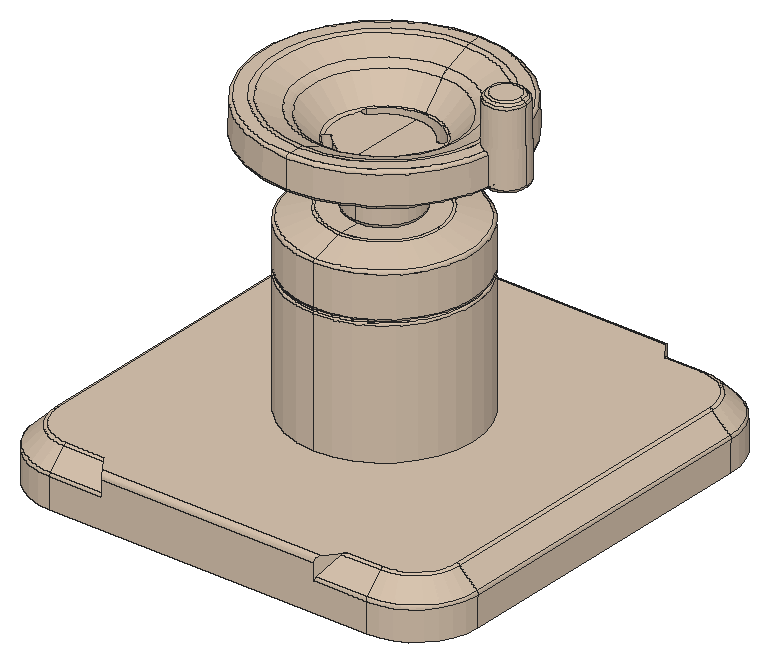
Revit family "Shower-Valve_Trim-KALLISTA-Vice-P34886", category Plumbing Fixtures, host Face, Revit 2021
Family settings
  Host = Face
  Round Connector Dimension = Use Diameter
  Part Type = Normal
  OmniClass Number = 23.31.25.00
  OmniClass Title = Toilet and Bath Specialties
  Cut with Voids When Loaded = No
  Shared = No
  Room Calculation Point = No
Parameters (values of type "AF-French Gold")
  Width = 5.31496"  # constant formula
  WaterSense Certified = 1 = 0  # no
  Waste Water Outlet = "Waste Water Outlet"  # constant formula
  Waste Connection = 1 = 0  # no
  Vent Connection = 1 = 0  # no
  URL = "https://www.kallista.com/"
  Type = 1
  Product Page URL = ""
  Product Name = "Vice"  # constant formula
  Product Documentation Link = ""
  Pressure = 0.00 psi
  Model = if(Type = 1, "P34886-00-AF", if(Type = 2, "P34886-00-BGP", if(Type = 3, "P34886-00-CP", if(Type = 4, "P34886-00-SN", "NA"))))  # "P34886-00-AF"
  Material = "Premium Metal Construction"  # constant formula
  Master Format 2014 Name = "Residential Showers"  # constant formula
  Master Format 2014 = "22 42 23"  # constant formula
  Manufacturer Address = "444 Highland Dr, Kohler, WI 53044"  # constant formula
  Manufacturer = "Kallista Co."  # constant formula
  Length = 4.53543"  # constant formula
  Hot Water Inlet = "Hot Water Inlet"  # constant formula
  Height = 5.31496"  # constant formula
  Handle Clearance = 3 13/64"  # constant formula
  HW Connection = 1 = 1  # yes
  Flow Rate = 0 GPM
  Finish = Kallista-Metal-AF-French_Gold
  Environmental Product Declaration = ""
  Drain Included = 1 = 0  # no
  Description = "Pressure Balance Trim Wheel"  # constant formula
  Default Elevation = 42"
  Declare Label = ""
  Date Modified = "05/26/2024"  # constant formula
  Date Created = "05/26/2024"  # constant formula
  Copyright = "Copyright Kallista Co."  # constant formula
  Contact Us = "https://www.kallista.com/corporate/contact-us/"
  Cold Water Inlet = "Cold Water Inlet"  # constant formula
  CW Connection = 1 = 1  # yes
  Assembly Code = "D2010700"
  ADA Compliant = 1 = 0  # no
Types (5): name | Type | Model | Finish
  (no name) | 1 | "P34886-00-AF" | Kallista-Metal-AF-French_Gold
  AF-French Gold | 1 | "P34886-00-AF" | Kallista-Metal-AF-French_Gold
  BGP | 2 | "P34886-00-BGP" | Kallista-Metal-BGP
  CP-Chrome | 3 | "P34886-00-CP" | Kallista-Metal-CP-Chrome
  SN-Polished Nickel | 4 | "P34886-00-SN" | Kallista-Metal-SN-Polished_Nickel
Reference planes (in)
  plane 1 "Center (Front/Back)": y = 0
  plane 2: z = 0
  plane 3 "Center (Left/Right)": x = 0
  plane 4: y = 2.6574803
  plane 5: y = -2.6574803
  plane 6: x = -2.6574803
  plane 7: x = 2.6574803
  plane 8: x = 1.0629921
  plane 9: x = -1.0629921
  plane 10: y = 1.0629921
  plane 11: y = -1.0629921
  plane 12: z = 4.5354331
  plane 13: z = 0.6102362
  plane 14: y = 1.475884
  plane 15: y = -1.4758876
  plane 16: x = 1.7259878
  plane 17: x = -1.4771372
Dimensions and locks (in)
  "Width": plane 6 to plane 7
  "Height": plane 4 to plane 5
  level to plane 13 = 0.61024"
  "Length": level to plane 12
  "Handle Clearance": plane 17 to plane 16
  plane 9 to plane 8 = 2.12598"
  plane 14 to plane 15 = 2.95177"
  plane 13 to level = 0.61024"
  aligned and locked: plane 2 to host face
  aligned and locked: level to host face
  aligned and locked: plane 1 "Center (Front/Back)" to nested 1
  aligned and locked: plane 3 "Center (Left/Right)" to nested 1
Automatic sketch dimensions
  host sketch curve to host sketch curve = 96"  (x2)
Nested families (in)
  nested 1: "P34886" at (0, 0, 0), type "P34886"
Connectors (in)
  piping at (-1.0629921, 0, 0), diameter 0.5, driven by "HW Connection", driven by "Hot Water Inlet"
    settings: on nested 1, index 1, connector inside diameter 24", connector length 0", flow factor 0, pipe flow 0 GPM, pressure drop 0.00 psi, fitting loss kfactor 0, connector angle 0.00°, fixture units 0, engagement length 0", angle of deflection 0.00°, flow configuration 0, flow direction 1, fitting loss method 0, system type 19, joint type 0, gender type 0, connector reference index -1, connector utility 1, adjustable connector no, is connector primary yes, connector description "Hot Water Inlet"
  piping at (1.0629921, 0, 0), diameter 0.5, driven by "CW Connection", driven by "Cold Water Inlet"
    settings: on nested 1, index 2, connector inside diameter 24", connector length 0", flow factor 0, pipe flow 0 GPM, pressure drop 0.00 psi, fitting loss kfactor 0, connector angle 0.00°, fixture units 0, engagement length 0", angle of deflection 0.00°, flow configuration 0, flow direction 1, fitting loss method 0, system type 20, joint type 0, gender type 0, connector reference index -1, connector utility 1, adjustable connector no, is connector primary no, connector description "Cold Water Inlet"
Definition of nested family "P34886"
  Parameters
    Material = none
    Default Elevation = 0"
  Reference planes (in)
    plane 1 "Center (Front/Back)": y = 0
    plane 2: z = 0
    plane 3 "Center (Left/Right)": x = 0
    plane 4: x = -2.6574803
    plane 5: x = 2.6574803
    plane 6: y = -2.6574803
    plane 7: y = 2.6574803
    plane 8: z = 0.6102362
    plane 9: z = 4.5354331
    plane 10: y = -1.0629921
    plane 11: y = 1.0629921
    plane 12: x = -1.0629921
    plane 13: x = 1.0629921
    plane 14: y = 1.475884
    plane 15: y = -1.475884
    plane 16: x = 1.7259878
    plane 17: x = -1.475871
  Forms (in)
    Sweep 1, solid, material <- "Material"
      path origin (0, 0, 0) x (1, 0, 0) y (0, 1, 0)
        loop
          line (1.9094488, 2.6574803) -> (-1.9094488, 2.6574803)
          arc (-1.9094488, 2.6574803) -> (-2.438387, 2.438387) -> (-2.6574803, 1.9094488) r 0.7480315
          line (-2.6574803, 1.9094488) -> (-2.6574803, -1.9094488)
          arc (-2.6574803, -1.9094488) -> (-2.438387, -2.438387) -> (-1.9094488, -2.6574803) r 0.7480315
          line (-1.9094488, -2.6574803) -> (1.9094488, -2.6574803)
          arc (1.9094488, -2.6574803) -> (2.438387, -2.438387) -> (2.6574803, -1.9094488) r 0.7480315
          line (2.6574803, -1.9094488) -> (2.6574803, 1.9094488)
          arc (2.6574803, 1.9094488) -> (2.438387, 2.438387) -> (1.9094488, 2.6574803) r 0.7480315
      profile origin (2.6574803, 0, 0) x (1, 0, 0) y (0, 0, 1)
        loop
          arc (0, 0.3517833) -> (-0.0043223, 0.3735131) -> (-0.0166313, 0.3919347) r 0.0567827
          line (-0.0166313, 0.3919347) -> (-0.2177223, 0.5930257)
          arc (-0.2177223, 0.5930257) -> (-0.2367855, 0.6057634) -> (-0.2592721, 0.6102362) r 0.0587602
          line (-0.2592721, 0.6102362) -> (-0.2952756, 0.6102362) -> (-0.2952756, 0) -> (0, 0) -> (0, 0.3517833)
    Extrusion 2, solid, material <- "Material"
      sketch origin (0, 0, 0) x (1, 0, 0) y (0, 1, 0)
        loop
          line (-2.3622047, 1.9094488) -> (-2.3622047, -1.9094488)
          arc (-2.3622047, -1.9094488) -> (-2.2295956, -2.2295956) -> (-1.9094488, -2.3622047) r 0.4527559
          line (-1.9094488, -2.3622047) -> (1.9094488, -2.3622047)
          arc (1.9094488, -2.3622047) -> (2.2295956, -2.2295956) -> (2.3622047, -1.9094488) r 0.4527559
          line (2.3622047, -1.9094488) -> (2.3622047, 1.9094488)
          arc (2.3622047, 1.9094488) -> (2.2295956, 2.2295956) -> (1.9094488, 2.3622047) r 0.4527559
          line (1.9094488, 2.3622047) -> (-1.9094488, 2.3622047)
          arc (-1.9094488, 2.3622047) -> (-2.2295956, 2.2295956) -> (-2.3622047, 1.9094488) r 0.4527559
      from 0 to 0.6102362
    Extrusion 3, solid, material <- "Material"
      sketch origin (0, 0, 0) x (0, 1, 0) y (0, 0, 1)
        loop
          line (-2.6574803, 0.301947) -> (-2.3491911, 0.6102362) -> (-2.5984252, 0.6102362)
          arc (-2.5984252, 0.6102362) -> (-2.6401835, 0.5929394) -> (-2.6574803, 0.5511811) r 0.0590551
          line (-2.6574803, 0.5511811) -> (-2.6574803, 0.301947)
        loop
          line (2.6574803, 0.301947) -> (2.6574803, 0.5511811)
          arc (2.6574803, 0.5511811) -> (2.6401835, 0.5929394) -> (2.5984252, 0.6102362) r 0.0590551
          line (2.5984252, 0.6102362) -> (2.3491911, 0.6102362) -> (2.6574803, 0.301947)
      from -1.4758995 to 1.4756383
    Revolve 4, solid, material <- "Material", detail levels medium+fine
      sketch origin (0, 0, 0) x (0, 1, 0) y (0, 0, 1)
        loop
          line (1.0629921, 0.6102362) -> (1.0629921, 2.0857277)
          arc (1.0629921, 2.0857277) -> (1.0572265, 2.0996472) -> (1.0433071, 2.1054128) r 0.019685
          line (1.0433071, 2.1054128) -> (0.7780673, 2.1054128)
          arc (0.7780673, 2.1054128) -> (0.7454984, 2.1132651) -> (0.7200862, 2.1350965) r 0.071469
          line (0.7200862, 2.1350965) -> (1.0433071, 2.1350965)
          arc (1.0433071, 2.1350965) -> (1.0572265, 2.1408621) -> (1.0629921, 2.1547816) r 0.019685
          line (1.0629921, 2.1547816) -> (1.0629921, 2.6385365)
          arc (1.0629921, 2.6385365) -> (1.0551981, 2.6620515) -> (1.0349019, 2.6762561) r 0.0393701
          line (1.0349019, 2.6762561) -> (0.6852022, 2.7808316)
          arc (0.6852022, 2.7808316) -> (0.6687497, 2.7844751) -> (0.651943, 2.7856981) r 0.1160851
          line (0.651943, 2.7856981) -> (0.3971451, 2.7856981)
          arc (0.3971451, 2.7856981) -> (0.4168335, 2.7952) -> (0.4250518, 2.8154578) r 0.0303936
          line (0.4250518, 2.8154578) -> (0.4311055, 3.1610147)
          arc (0.4311055, 3.1610147) -> (0.4351506, 3.1890152) -> (0.4460474, 3.2151236) r 0.1126025
          arc (0.4460474, 3.2151236) -> (0.4529123, 3.2317765) -> (0.4552533, 3.2496362) r 0.069296
          line (0.4552533, 3.2496362) -> (0.4552533, 3.3094089) -> (0.6104282, 3.3094089)
          arc (0.6104282, 3.3094089) -> (0.6265316, 3.3126302) -> (0.6401565, 3.3217985) r 0.0418608
          line (0.6401565, 3.3217985) -> (1.1117797, 3.7975366)
          arc (1.1117797, 3.7975366) -> (1.1465652, 3.8209439) -> (1.1876784, 3.8291682) r 0.1068739
          line (1.1876784, 3.8291682) -> (1.2355474, 3.8291682)
          arc (1.2355474, 3.8291682) -> (1.2912251, 3.8061058) -> (1.3142875, 3.7504281) r 0.0787402
          line (1.3142875, 3.7504281) -> (1.3142875, 3.6223205)
          arc (1.3142875, 3.6223205) -> (1.322936, 3.6014413) -> (1.3438151, 3.5927929) r 0.0295276
          line (1.3438151, 3.5927929) -> (1.4555061, 3.5927929)
          arc (1.4555061, 3.5927929) -> (1.4695352, 3.598669) -> (1.4751887, 3.6127893) r 0.019685
          line (1.4751887, 3.6127893) -> (1.4699042, 3.9469065)
          arc (1.4699042, 3.9469065) -> (1.4581569, 3.974342) -> (1.4305391, 3.985654) r 0.0393701
          line (1.4305391, 3.985654) -> (1.2885803, 3.985654)
          arc (1.2885803, 3.985654) -> (1.2578356, 3.9825581) -> (1.2283253, 3.9733949) r 0.1542109
          line (1.2283253, 3.9733949) -> (0.960066, 3.8595256)
          arc (0.960066, 3.8595256) -> (0.9100382, 3.8317948) -> (0.8668692, 3.7942685) r 0.2736072
          line (0.8668692, 3.7942685) -> (0.6186028, 3.5280353)
          arc (0.6186028, 3.5280353) -> (0.5997083, 3.514682) -> (0.5770563, 3.5099704) r 0.0568077
          line (0.5770563, 3.5099704) -> (0, 3.5099704) -> (0, 0.6102362) -> (1.0629921, 0.6102362)
        axis (0, 3.985654) -> (0, 0.6102362)
      angle from 0 to 360
    Revolve 5, solid, material <- "Material", detail levels coarse
      sketch origin (0, 0, 0) x (0, 1, 0) y (0, 0, 1)
        loop
          line (1.0629921, 0.6102362) -> (1.0629921, 2.7856981) -> (0.4798596, 2.7856981) -> (0.4798596, 3.3094089) -> (0.6278741, 3.3094089) -> (1.1117797, 3.7975366)
          arc (1.1117797, 3.7975366) -> (1.1465652, 3.8209439) -> (1.1876784, 3.8291682) r 0.1068739
          line (1.1876784, 3.8291682) -> (1.2355474, 3.8291682)
          arc (1.2355474, 3.8291682) -> (1.2912251, 3.8061058) -> (1.3142875, 3.7504281) r 0.0787402
          line (1.3142875, 3.7504281) -> (1.3142875, 3.6223205)
          arc (1.3142875, 3.6223205) -> (1.322936, 3.6014413) -> (1.3438151, 3.5927929) r 0.0295276
          line (1.3438151, 3.5927929) -> (1.4751887, 3.5927929) -> (1.4751887, 3.985654) -> (1.2885803, 3.985654)
          arc (1.2885803, 3.985654) -> (1.2578356, 3.9825581) -> (1.2283253, 3.9733949) r 0.1542109
          line (1.2283253, 3.9733949) -> (0.960066, 3.8595256)
          arc (0.960066, 3.8595256) -> (0.9100382, 3.8317948) -> (0.8668692, 3.7942685) r 0.2736072
          line (0.8668692, 3.7942685) -> (0.6017569, 3.5099704) -> (0, 3.5099704) -> (0, 0.6102362) -> (1.0629921, 0.6102362)
        axis (0, 3.985654) -> (0, 0.6102362)
      angle from 0 to 360
    Sweep 6, solid, material <- "Material", detail levels medium+fine
      path origin (0, 0, 0) x (1, 0, 0) y (0, 1, 0)
        loop
          circle (1.4728493, -0.0020668) r 0.253022
      profile origin (1.7258714, -0.0020668, 0) x (1, 0, 0) y (0, 0, 1)
        loop
          line (-0.0000041, 3.6122868) -> (-0.0148705, 4.4704813)
          arc (-0.0148705, 4.4704813) -> (-0.0182057, 4.4857396) -> (-0.0271652, 4.4985328) r 0.0397242
          line (-0.0271652, 4.4985328) -> (-0.0526055, 4.5228082)
          arc (-0.0526055, 4.5228082) -> (-0.0671474, 4.5321595) -> (-0.0841238, 4.5354331) r 0.0456556
          line (-0.0841238, 4.5354331) -> (-0.136232, 4.5354331) -> (-0.136232, 3.5920268) -> (-0.0199163, 3.5920268)
          arc (-0.0199163, 3.5920268) -> (-0.0057127, 3.5979822) -> (-0.0000041, 3.6122868) r 0.0199151
    Extrusion 7, solid, material <- "Material", detail levels medium+fine
      sketch origin (0, 0, 0) x (1, 0, 0) y (0, 1, 0)
        loop
          circle (1.4728493, -0.0020668) r 0.1167901
      from 3.5920268 to 4.5354331
    Extrusion 8, solid, material <- "Material", detail levels coarse
      sketch origin (0, 0, 0) x (1, 0, 0) y (0, 1, 0)
        loop
          circle (1.4732237, -0.0031922) r 0.253022
      from 3.5927929 to 4.5354331
    Extrusion 9, void
      sketch origin (0, 0, 0) x (1, 0, 0) y (0, 1, 0)
        loop
          arc (0.4958059, -0.3412612) -> (0.4810016, -0.263941) -> (0.4035413, -0.2779945) r 0.0559388
          arc (0.4035413, -0.2779945) -> (0.0000797, -0.4885198) -> (-0.404155, -0.2794827) r 0.4936139
          arc (-0.404155, -0.2794827) -> (-0.4796415, -0.2660055) -> (-0.4939838, -0.3413324) r 0.0545347
          arc (-0.4939838, -0.3413324) -> (0.00093, -0.6050627) -> (0.4958059, -0.3412612) r 0.59616
        loop
          arc (0.4958059, 0.3372724) -> (0.00093, 0.6010738) -> (-0.4939838, 0.3373435) r 0.59616
          arc (-0.4939838, 0.3373435) -> (-0.4796415, 0.2620166) -> (-0.404155, 0.2754938) r 0.0545347
          arc (-0.404155, 0.2754938) -> (0.0000797, 0.484531) -> (0.4035413, 0.2740056) r 0.4936139
          arc (0.4035413, 0.2740056) -> (0.4810016, 0.2599521) -> (0.4958059, 0.3372724) r 0.0559388
      from 3.3094089 to 4.1798085
    Extrusion 10, void
      sketch origin (0, 0, 0) x (1, 0, 0) y (0, 1, 0)
        loop
          line (-1.5710455, -2.2403384) -> (-1.7491508, -2.2403384) -> (-1.7491508, -2.770459) -> (-1.199851, -2.770459) -> (-1.5710455, -2.2403384)
        loop
          line (1.5710455, -2.2403384) -> (1.199851, -2.770459) -> (1.7491508, -2.770459) -> (1.7491508, -2.2403384) -> (1.5710455, -2.2403384)
        loop
          line (-1.5710455, 2.2403384) -> (-1.199851, 2.770459) -> (-1.7491508, 2.770459) -> (-1.7491508, 2.2403384) -> (-1.5710455, 2.2403384)
        loop
          line (1.5710455, 2.2403384) -> (1.7491508, 2.2403384) -> (1.7491508, 2.770459) -> (1.199851, 2.770459) -> (1.5710455, 2.2403384)
      from 0 to 9.8425197
    Extrusion 11, solid, material <- "Material"
      sketch origin (0, 0, 0) x (1, 0, 0) y (0, 1, 0)
        loop
          circle (-1.0629921, 0) r 0.1968504
        loop
          circle (1.0629921, 0) r 0.1968504
      from 0 to 0.1745659
  Cuts and joins
    Extrusion 10 cuts Extrusion 3
    joined: Sweep 1, Extrusion 2, Extrusion 3
    joined: Sweep 6, Extrusion 7
    Extrusion 9 cuts Revolve 4
  Lines and regions (in)
    Masking region 1
      outline origin (0, 0, 0) x (0, 1, 0) y (0, 0, 1)
        loop
          line (2.6574803, 0) -> (2.6574803, 0.5511811)
          arc (2.6574803, 0.5511811) -> (2.6401835, 0.5929394) -> (2.5984252, 0.6102362) r 0.0590551
          line (2.5984252, 0.6102362) -> (1.0629921, 0.6102362) -> (1.0629921, 2.0848084)
          arc (1.0629921, 2.0848084) -> (1.0572265, 2.0987278) -> (1.0433071, 2.1044934) r 0.019685
          line (1.0433071, 2.1044934) -> (0.7780673, 2.1044934)
          arc (0.7780673, 2.1044934) -> (0.7454984, 2.1123457) -> (0.7200862, 2.1341772) r 0.071469
          line (0.7200862, 2.1341772) -> (1.0433071, 2.1341772)
          arc (1.0433071, 2.1341772) -> (1.0572265, 2.1399428) -> (1.0629921, 2.1538622) r 0.019685
          line (1.0629921, 2.1538622) -> (1.0629921, 2.6376171)
          arc (1.0629921, 2.6376171) -> (1.0551981, 2.6611322) -> (1.0349019, 2.6753367) r 0.0393701
          line (1.0349019, 2.6753367) -> (0.6852022, 2.7799123)
          arc (0.6852022, 2.7799123) -> (0.6687497, 2.7835557) -> (0.651943, 2.7847788) r 0.1160851
          line (0.651943, 2.7847788) -> (0.4324844, 2.7847788)
          arc (0.4324844, 2.7847788) -> (0.4511763, 2.7946789) -> (0.4588826, 2.8143769) r 0.0303936
          line (0.4588826, 2.8143769) -> (0.4649391, 3.1600954)
          arc (0.4649391, 3.1600954) -> (0.4689843, 3.1880958) -> (0.479881, 3.2142042) r 0.1126025
          arc (0.479881, 3.2142042) -> (0.4867459, 3.2308572) -> (0.489087, 3.2487168) r 0.069296
          line (0.489087, 3.2487168) -> (0.489087, 3.3084895) -> (0.6104282, 3.3084895)
          arc (0.6104282, 3.3084895) -> (0.6265316, 3.3117109) -> (0.6401565, 3.3208791) r 0.0418608
          line (0.6401565, 3.3208791) -> (0.9088069, 3.5918736) -> (1.456202, 3.5918736)
          arc (1.456202, 3.5918736) -> (1.4702424, 3.5977612) -> (1.475884, 3.6119022) r 0.019685
          line (1.475884, 3.6119022) -> (1.4700354, 3.946971)
          arc (1.4700354, 3.946971) -> (1.4582662, 3.9743646) -> (1.4306713, 3.985654) r 0.0393701
          line (1.4306713, 3.985654) -> (0.2878907, 3.985654)
          arc (0.2878907, 3.985654) -> (0.2616274, 3.9927551) -> (0.2425211, 4.0121236) r 0.0521171
          line (0.2425211, 4.0121236) -> (0.2345492, 4.4688324)
          arc (0.2345492, 4.4688324) -> (0.2309147, 4.4855644) -> (0.2211512, 4.4996302) r 0.0438627
          line (0.2211512, 4.4996302) -> (0.1962985, 4.5236126)
          arc (0.1962985, 4.5236126) -> (0.1828107, 4.5323664) -> (0.1670264, 4.5354331) r 0.0421549
          line (0.1670264, 4.5354331) -> (0, 4.5354331) -> (-0.1670264, 4.5354331)
          arc (-0.1670264, 4.5354331) -> (-0.1828107, 4.5323664) -> (-0.1962985, 4.5236126) r 0.0421549
          line (-0.1962985, 4.5236126) -> (-0.2211512, 4.4996302)
          arc (-0.2211512, 4.4996302) -> (-0.2309147, 4.4855644) -> (-0.2345492, 4.4688324) r 0.0438627
          line (-0.2345492, 4.4688324) -> (-0.2425211, 4.0121236)
          arc (-0.2425211, 4.0121236) -> (-0.2616274, 3.9927551) -> (-0.2878907, 3.985654) r 0.0521171
          line (-0.2878907, 3.985654) -> (-1.4306713, 3.985654)
          arc (-1.4306713, 3.985654) -> (-1.4582662, 3.9743646) -> (-1.4700354, 3.946971) r 0.0393701
          line (-1.4700354, 3.946971) -> (-1.475884, 3.6119022)
          arc (-1.475884, 3.6119022) -> (-1.4702424, 3.5977612) -> (-1.456202, 3.5918736) r 0.019685
          line (-1.456202, 3.5918736) -> (-0.9088069, 3.5918736) -> (-0.6401565, 3.3208791)
          arc (-0.6401565, 3.3208791) -> (-0.6265316, 3.3117109) -> (-0.6104282, 3.3084895) r 0.0418608
          line (-0.6104282, 3.3084895) -> (-0.489087, 3.3084895) -> (-0.489087, 3.2487168)
          arc (-0.489087, 3.2487168) -> (-0.4867459, 3.2308572) -> (-0.479881, 3.2142042) r 0.069296
          arc (-0.479881, 3.2142042) -> (-0.4689843, 3.1880958) -> (-0.4649391, 3.1600954) r 0.1126025
          line (-0.4649391, 3.1600954) -> (-0.4588826, 2.8143769)
          arc (-0.4588826, 2.8143769) -> (-0.4511763, 2.7946789) -> (-0.4324844, 2.7847788) r 0.0303936
          line (-0.4324844, 2.7847788) -> (-0.651943, 2.7847788)
          arc (-0.651943, 2.7847788) -> (-0.6687497, 2.7835557) -> (-0.6852022, 2.7799123) r 0.1160851
          line (-0.6852022, 2.7799123) -> (-1.0349019, 2.6753367)
          arc (-1.0349019, 2.6753367) -> (-1.0551981, 2.6611322) -> (-1.0629921, 2.6376171) r 0.0393701
          line (-1.0629921, 2.6376171) -> (-1.0629921, 2.1538622)
          arc (-1.0629921, 2.1538622) -> (-1.0572265, 2.1399428) -> (-1.0433071, 2.1341772) r 0.019685
          line (-1.0433071, 2.1341772) -> (-0.7200862, 2.1341772)
          arc (-0.7200862, 2.1341772) -> (-0.7454984, 2.1123457) -> (-0.7780673, 2.1044934) r 0.071469
          line (-0.7780673, 2.1044934) -> (-1.0433071, 2.1044934)
          arc (-1.0433071, 2.1044934) -> (-1.0572265, 2.0987278) -> (-1.0629921, 2.0848084) r 0.019685
          line (-1.0629921, 2.0848084) -> (-1.0629921, 0.6102362) -> (-2.5984252, 0.6102362)
          arc (-2.5984252, 0.6102362) -> (-2.6401835, 0.5929394) -> (-2.6574803, 0.5511811) r 0.0590551
          line (-2.6574803, 0.5511811) -> (-2.6574803, 0) -> (0, 0) -> (2.6574803, 0)
    Masking region 2
      outline origin (0, 0, 0) x (1, 0, 0) y (0, 1, 0)
        loop
          line (0, 2.6574803) -> (-1.9094488, 2.6574803)
          arc (-1.9094488, 2.6574803) -> (-2.438387, 2.438387) -> (-2.6574803, 1.9094488) r 0.7480315
          line (-2.6574803, 1.9094488) -> (-2.6574803, 0) -> (-2.6574803, -1.9094488)
          arc (-2.6574803, -1.9094488) -> (-2.438387, -2.438387) -> (-1.9094488, -2.6574803) r 0.7480315
          line (-1.9094488, -2.6574803) -> (0, -2.6574803) -> (1.9094488, -2.6574803)
          arc (1.9094488, -2.6574803) -> (2.438387, -2.438387) -> (2.6574803, -1.9094488) r 0.7480315
          line (2.6574803, -1.9094488) -> (2.6574803, 0) -> (2.6574803, 1.9094488)
          arc (2.6574803, 1.9094488) -> (2.438387, 2.438387) -> (1.9094488, 2.6574803) r 0.7480315
          line (1.9094488, 2.6574803) -> (0, 2.6574803)
    Masking region 3
      outline origin (0, 0, 0) x (1, 0, 0) y (0, 0, 1)
        loop
          line (2.6574803, 0) -> (2.6574803, 0.3517833)
          arc (2.6574803, 0.3517833) -> (2.653158, 0.3735131) -> (2.6408491, 0.3919347) r 0.0567827
          line (2.6408491, 0.3919347) -> (2.439758, 0.5930257)
          arc (2.439758, 0.5930257) -> (2.4206948, 0.6057634) -> (2.3982083, 0.6102362) r 0.0587602
          line (2.3982083, 0.6102362) -> (1.0629921, 0.6102362) -> (1.0629921, 2.0843904)
          arc (1.0629921, 2.0843904) -> (1.0572265, 2.0983098) -> (1.0433071, 2.1040755) r 0.019685
          line (1.0433071, 2.1040755) -> (0.7753536, 2.1040755)
          arc (0.7753536, 2.1040755) -> (0.7438297, 2.1121088) -> (0.7199951, 2.1342494) r 0.0658685
          line (0.7199951, 2.1342494) -> (1.0433071, 2.1342494)
          arc (1.0433071, 2.1342494) -> (1.0572265, 2.140015) -> (1.0629921, 2.1539345) r 0.019685
          line (1.0629921, 2.1539345) -> (1.0629921, 2.644028)
          arc (1.0629921, 2.644028) -> (1.057149, 2.6616611) -> (1.041932, 2.6723154) r 0.0295276
          line (1.041932, 2.6723154) -> (0.6823419, 2.7799539)
          arc (0.6823419, 2.7799539) -> (0.6661527, 2.7835425) -> (0.6496142, 2.7847472) r 0.1141273
          line (0.6496142, 2.7847472) -> (0.4284356, 2.7847472)
          arc (0.4284356, 2.7847472) -> (0.4497602, 2.7932225) -> (0.4588888, 2.8142757) r 0.0300557
          line (0.4588888, 2.8142757) -> (0.4649093, 3.1591856)
          arc (0.4649093, 3.1591856) -> (0.4943324, 3.2356761) -> (0.5660943, 3.2752582) r 0.11958
          arc (0.5660943, 3.2752582) -> (0.597396, 3.2853563) -> (0.6240182, 3.3046701) r 0.1046635
          line (0.6240182, 3.3046701) -> (0.9113748, 3.5920268) -> (1.7063108, 3.5920268)
          arc (1.7063108, 3.5920268) -> (1.7203454, 3.597912) -> (1.7259848, 3.6120473) r 0.0196771
          line (1.7259848, 3.6120473) -> (1.7110007, 4.4704865)
          arc (1.7110007, 4.4704865) -> (1.7076646, 4.485742) -> (1.6987062, 4.4985328) r 0.0397242
          line (1.6987062, 4.4985328) -> (1.6732659, 4.5228082)
          arc (1.6732659, 4.5228082) -> (1.658724, 4.5321595) -> (1.6417476, 4.5354331) r 0.0456556
          line (1.6417476, 4.5354331) -> (1.476144, 4.5354331) -> (1.3105404, 4.5354331)
          arc (1.3105404, 4.5354331) -> (1.293564, 4.5321595) -> (1.2790221, 4.5228082) r 0.0456556
          line (1.2790221, 4.5228082) -> (1.2535818, 4.4985328)
          arc (1.2535818, 4.4985328) -> (1.2446233, 4.485742) -> (1.2412872, 4.4704865) r 0.0397242
          line (1.2412872, 4.4704865) -> (1.2328229, 3.9855673) -> (-1.4306593, 3.9855673)
          arc (-1.4306593, 3.9855673) -> (-1.4582542, 3.9742779) -> (-1.4700234, 3.9468843) r 0.0393701
          line (-1.4700234, 3.9468843) -> (-1.475868, 3.6120473)
          arc (-1.475868, 3.6120473) -> (-1.4702286, 3.597912) -> (-1.456194, 3.5920268) r 0.0196771
          line (-1.456194, 3.5920268) -> (-0.9113748, 3.5920268) -> (-0.6240182, 3.3046701)
          arc (-0.6240182, 3.3046701) -> (-0.597396, 3.2853563) -> (-0.5660943, 3.2752582) r 0.1046635
          arc (-0.5660943, 3.2752582) -> (-0.4943324, 3.2356761) -> (-0.4649093, 3.1591856) r 0.11958
          line (-0.4649093, 3.1591856) -> (-0.4588888, 2.8142757)
          arc (-0.4588888, 2.8142757) -> (-0.4497602, 2.7932225) -> (-0.4284356, 2.7847472) r 0.0300557
          line (-0.4284356, 2.7847472) -> (-0.6496142, 2.7847472)
          arc (-0.6496142, 2.7847472) -> (-0.6661527, 2.7835425) -> (-0.6823419, 2.7799539) r 0.1141273
          line (-0.6823419, 2.7799539) -> (-1.039061, 2.6731748)
          arc (-1.039061, 2.6731748) -> (-1.0542779, 2.6625205) -> (-1.0601211, 2.6448874) r 0.0295276
          line (-1.0601211, 2.6448874) -> (-1.0601211, 2.1539345)
          arc (-1.0601211, 2.1539345) -> (-1.0543555, 2.140015) -> (-1.0404361, 2.1342494) r 0.019685
          line (-1.0404361, 2.1342494) -> (-0.7199951, 2.1342494)
          arc (-0.7199951, 2.1342494) -> (-0.7438297, 2.1121088) -> (-0.7753536, 2.1040755) r 0.0658685
          line (-0.7753536, 2.1040755) -> (-1.0430147, 2.1040755)
          arc (-1.0430147, 2.1040755) -> (-1.0569341, 2.0983098) -> (-1.0626998, 2.0843904) r 0.019685
          line (-1.0626998, 2.0843904) -> (-1.0626998, 0.6102362) -> (-2.397161, 0.6102362)
          arc (-2.397161, 0.6102362) -> (-2.4206151, 0.6055709) -> (-2.4404985, 0.5922853) r 0.0612884
          line (-2.4404985, 0.5922853) -> (-2.6407136, 0.3920702)
          arc (-2.6407136, 0.3920702) -> (-2.6531228, 0.3734985) -> (-2.6574803, 0.3515917) r 0.0572453
          line (-2.6574803, 0.3515917) -> (-2.6574803, 0) -> (2.6574803, 0)
    symbolic lines, detail levels medium+fine
      curve 1: line (0, 2.6574803, 0.3532252) -> (0, 0, 0.3532252)
      curve 2: line (0, 2.6574803, 0.388069) -> (0, 0.0123602, 0.388069)
      curve 3: line (0, 2.6574803, 0.388069) -> (0, 2.4353131, 0.6102362)
      curve 4: line (0, 1.0629921, 0.6102362) -> (0, 0, 0.6102362)
      curve 5: line (0, 1.0629921, 2.0848084) -> (0, 0, 2.0848084)
      curve 6: line (0, 0.7780673, 2.1044934) -> (0, 0, 2.1044934)
      curve 7: line (0, 0.7200862, 2.1341772) -> (0, 0, 2.1341772)
      curve 8: line (0, 1.0629921, 2.1538622) -> (0, 0, 2.1538622)
      curve 9: line (0, 1.0629921, 2.6376171) -> (0, 0, 2.6376171)
      curve 10: line (0, 1.0349019, 2.6753367) -> (0, 0, 2.6753367)
      curve 11: line (0, 0.6852022, 2.7799123) -> (0, 0, 2.7799123)
      curve 12: line (0, 0.4324844, 2.7847788) -> (0, 0, 2.7847788)
      curve 13: line (0, 0.4588826, 2.8143769) -> (0, 0, 2.8143769)
      curve 14: line (0, 0.4649391, 3.1600954) -> (0, 0, 3.1600954)
      curve 15: line (0, 0.489087, 3.3084895) -> (0, 0.3578185, 3.3084895)
      curve 16: arc (0, 0.3264747, 3.3010093) -> (0, 0.294502, 3.286641) -> (0, 0.2613401, 3.2752832) r 0.3796008
      curve 17: arc (0, 0.3578185, 3.3084895) -> (0, 0.3417065, 3.3065936) -> (0, 0.3264747, 3.3010093) r 0.0694091
      curve 18: line (0, 0.489087, 3.2487168) -> (0, 0.2890816, 3.2487168)
      curve 19: arc (0, 0.2890816, 3.2487168) -> (0, 0.2698764, 3.2564296) -> (0, 0.2613401, 3.2752832) r 0.0277675
      curve 20: line (0, 0.479881, 3.2142042) -> (0, 0.2996126, 3.2142042)
      curve 21: arc (0, 0.2996126, 3.2142042) -> (0, 0.263573, 3.2341519) -> (0, 0.2613401, 3.2752832) r 0.0425304
      curve 22: line (0, 0, 3.2736247) -> (0, 0.1760029, 3.2736247)
      curve 23: arc (0, 0.1760029, 3.2736247) -> (0, 0.2186796, 3.2740394) -> (0, 0.2613401, 3.2752832) r 2.1962914
      curve 24: line (0, 0.9088069, 3.5918736) -> (0, 0, 3.5918736)
      curve 25: line (0, 1.475884, 3.6119022) -> (0, 0, 3.6119022)
      curve 26: line (0, 1.4700354, 3.946971) -> (0, 0, 3.946971)
      curve 27: line (0, 0.2878907, 3.985654) -> (0, 0, 3.985654)
      curve 28: line (0, 0.2421342, 4.0342881) -> (0, 0.1825343, 4.0342881)
      curve 29: arc (0, 0.1825343, 4.0342881) -> (0, 0.0922883, 4.0112944) -> (0, 0, 3.9988071) r 0.8103389
      curve 30: line (0, 0.1962985, 4.5236126) -> (0, 0, 4.5236126)
      curve 31: line (0, 0.2211512, 4.4996302) -> (0, 0, 4.4996302)
      curve 32: line (0, 0.2345492, 4.4688324) -> (0, 0, 4.4688324)
      curve 33: line (0, -2.6574803, 0.3532252) -> (0, 0, 0.3532252)
      curve 34: line (0, -2.6574803, 0.388069) -> (0, -0.0123602, 0.388069)
      curve 35: line (0, -2.6574803, 0.388069) -> (0, -2.4353131, 0.6102362)
      curve 36: line (0, -1.0629921, 0.6102362) -> (0, 0, 0.6102362)
      curve 37: line (0, -1.0629921, 2.0848084) -> (0, 0, 2.0848084)
      curve 38: line (0, -0.7780673, 2.1044934) -> (0, 0, 2.1044934)
      curve 39: line (0, -0.7200862, 2.1341772) -> (0, 0, 2.1341772)
      curve 40: line (0, -1.0629921, 2.1538622) -> (0, 0, 2.1538622)
      curve 41: line (0, -1.0629921, 2.6376171) -> (0, 0, 2.6376171)
      curve 42: line (0, -1.0349019, 2.6753367) -> (0, 0, 2.6753367)
      curve 43: line (0, -0.6852022, 2.7799123) -> (0, 0, 2.7799123)
      curve 44: line (0, -0.4324844, 2.7847788) -> (0, 0, 2.7847788)
      curve 45: line (0, -0.4588826, 2.8143769) -> (0, 0, 2.8143769)
      curve 46: line (0, -0.4649391, 3.1600954) -> (0, 0, 3.1600954)
      curve 47: line (0, -0.489087, 3.3084895) -> (0, -0.3578185, 3.3084895)
      curve 48: arc (0, -0.3264747, 3.3010093) -> (0, -0.294502, 3.286641) -> (0, -0.2613401, 3.2752832) r 0.3796008
      curve 49: arc (0, -0.3578185, 3.3084895) -> (0, -0.3417065, 3.3065936) -> (0, -0.3264747, 3.3010093) r 0.0694091
      curve 50: line (0, -0.489087, 3.2487168) -> (0, -0.2890816, 3.2487168)
      curve 51: arc (0, -0.2890816, 3.2487168) -> (0, -0.2698764, 3.2564296) -> (0, -0.2613401, 3.2752832) r 0.0277675
      curve 52: line (0, -0.479881, 3.2142042) -> (0, -0.2996126, 3.2142042)
      curve 53: arc (0, -0.2996126, 3.2142042) -> (0, -0.263573, 3.2341519) -> (0, -0.2613401, 3.2752832) r 0.0425304
      curve 54: line (0, 0, 3.2736247) -> (0, -0.1760029, 3.2736247)
      curve 55: arc (0, -0.1760029, 3.2736247) -> (0, -0.2186796, 3.2740394) -> (0, -0.2613401, 3.2752832) r 2.1962914
      curve 56: line (0, -0.9088069, 3.5918736) -> (0, 0, 3.5918736)
      curve 57: line (0, -1.475884, 3.6119022) -> (0, 0, 3.6119022)
      curve 58: line (0, -1.4700354, 3.946971) -> (0, 0, 3.946971)
      curve 59: line (0, -0.2878907, 3.985654) -> (0, 0, 3.985654)
      curve 60: line (0, -0.2421342, 4.0342881) -> (0, -0.1825343, 4.0342881)
      curve 61: arc (0, -0.1825343, 4.0342881) -> (0, -0.0922883, 4.0112944) -> (0, 0, 3.9988071) r 0.8103389
      curve 62: line (0, -0.1962985, 4.5236126) -> (0, 0, 4.5236126)
      curve 63: line (0, -0.2211512, 4.4996302) -> (0, 0, 4.4996302)
      curve 64: line (0, -0.2345492, 4.4688324) -> (0, 0, 4.4688324)
      curve 65: line (-1.5618482, 2.4026205, 0) -> (-1.8885994, 2.4026205, 0)
      curve 66: line (-2.4004104, 1.8908095, 0) -> (-2.4004104, 0, 0)
      curve 67: arc (-1.8885994, 2.4026205, 0) -> (-2.2505044, 2.2527146, 0) -> (-2.4004104, 1.8908095, 0) r 0.511811
      curve 68: line (-1.4227688, 2.4750207, 0) -> (-1.2950092, 2.6574803, 0)
      curve 69: arc (-1.4227688, 2.4750207, 0) -> (-1.4834504, 2.4218044, 0) -> (-1.5618482, 2.4026205, 0) r 0.1697846
      curve 70: line (-2.4004104, 1.8908095, 0) -> (-2.6574803, 1.8908095, 0)
      curve 71: line (-1.8885994, 2.4026205, 0) -> (-1.8885994, 2.6574803, 0)
      curve 72: line (-1.5618482, 2.4026205, 0) -> (-1.5618482, 2.6574803, 0)
      curve 73: line (-1.5618482, -2.4026205, 0) -> (-1.8885994, -2.4026205, 0)
      curve 74: line (-2.4004104, -1.8908095, 0) -> (-2.4004104, 0, 0)
      curve 75: arc (-1.8885994, -2.4026205, 0) -> (-2.2505044, -2.2527146, 0) -> (-2.4004104, -1.8908095, 0) r 0.511811
      curve 76: line (-1.4227688, -2.4750207, 0) -> (-1.2950092, -2.6574803, 0)
      curve 77: arc (-1.4227688, -2.4750207, 0) -> (-1.4834504, -2.4218044, 0) -> (-1.5618482, -2.4026205, 0) r 0.1697846
      curve 78: line (-2.4004104, -1.8908095, 0) -> (-2.6574803, -1.8908095, 0)
      curve 79: line (-1.8885994, -2.4026205, 0) -> (-1.8885994, -2.6574803, 0)
      curve 80: line (-1.5618482, -2.4026205, 0) -> (-1.5618482, -2.6574803, 0)
      curve 81: line (1.5618482, 2.4026205, 0) -> (1.8885994, 2.4026205, 0)
      curve 82: line (2.4004104, 1.8908095, 0) -> (2.4004104, 0, 0)
      curve 83: arc (1.8885994, 2.4026205, 0) -> (2.2505044, 2.2527146, 0) -> (2.4004104, 1.8908095, 0) r 0.511811
      curve 84: line (1.4227688, 2.4750207, 0) -> (1.2950092, 2.6574803, 0)
      curve 85: arc (1.4227688, 2.4750207, 0) -> (1.4834504, 2.4218044, 0) -> (1.5618482, 2.4026205, 0) r 0.1697846
      curve 86: line (2.4004104, 1.8908095, 0) -> (2.6574803, 1.8908095, 0)
      curve 87: line (1.8885994, 2.4026205, 0) -> (1.8885994, 2.6574803, 0)
      curve 88: line (1.5618482, 2.4026205, 0) -> (1.5618482, 2.6574803, 0)
      curve 89: line (1.5618482, -2.4026205, 0) -> (1.8885994, -2.4026205, 0)
      curve 90: line (2.4004104, -1.8908095, 0) -> (2.4004104, 0, 0)
      curve 91: arc (1.8885994, -2.4026205, 0) -> (2.2505044, -2.2527146, 0) -> (2.4004104, -1.8908095, 0) r 0.511811
      curve 92: line (1.4227688, -2.4750207, 0) -> (1.2950092, -2.6574803, 0)
      curve 93: arc (1.4227688, -2.4750207, 0) -> (1.4834504, -2.4218044, 0) -> (1.5618482, -2.4026205, 0) r 0.1697846
      curve 94: line (2.4004104, -1.8908095, 0) -> (2.6574803, -1.8908095, 0)
      curve 95: line (1.8885994, -2.4026205, 0) -> (1.8885994, -2.6574803, 0)
      curve 96: line (1.5618482, -2.4026205, 0) -> (1.5618482, -2.6574803, 0)
      curve 97: line (-1.3352241, 2.6000475, 0) -> (1.3352241, 2.6000475, 0)
      curve 98: line (-1.3352241, -2.6000475, 0) -> (1.3352241, -2.6000475, 0)
      curve 99: arc (1.4448433, 0.2922472, 0) -> (-1.4810873, -0.0031876, 0) -> (1.445615, -0.2908773, 0) r 1.4776844
      curve 100: arc (1.4923913, 0.2501994, 0) -> (1.6578401, 0.1705558, 0) -> (1.7258629, 0, 0) r 0.253022
      curve 101: arc (1.4923913, 0.2501994, 0) -> (1.4615711, 0.2632554, 0) -> (1.4448433, 0.2922472, 0) r 0.0526646
      curve 102: arc (1.4915716, -0.2502616, 0) -> (1.6575594, -0.1708561, 0) -> (1.7258629, 0, 0) r 0.253022
      curve 103: arc (1.445615, -0.2908773, 0) -> (1.4617537, -0.2628305, 0) -> (1.4915716, -0.2502616, 0) r 0.0506907
      curve 104: arc (1.3992512, 0.2841546, 0) -> (-1.4338709, -0.0009089, 0) -> (1.3992512, -0.2859724, 0) r 1.4309023
      curve 105: arc (1.3992512, 0.2841546, 0) -> (1.3340391, 0.2507292, 0) -> (1.278729, 0.2026597, 0) r 0.3037661
      curve 106: arc (1.4155973, 0.2205849, 0) -> (1.3763506, 0.2065946, 0) -> (1.3402735, 0.1857503, 0) r 0.2298948
      curve 107: arc (1.4274133, -0.1757328, 0) -> (1.5474733, 0.1697225, 0) -> (1.3711533, -0.1506914, 0) r 0.1835134
      curve 108: circle (1.4728493, -0.0020668, 0) r 0.175364 normal (0, 0, 1)
      curve 109: line (1.3992512, 0.2841546, 0) -> (1.4155973, 0.2205849, 0)
      curve 110: arc (1.3402735, 0.1857503, 0) -> (1.5693481, -0.2107283, 0) -> (1.4155973, 0.2205849, 0) r 0.2298948
      curve 111: line (1.3992512, -0.2859724, 0) -> (1.4149425, -0.2245492, 0)
      curve 112: arc (1.3711533, -0.1506914, 0) -> (1.3982254, -0.1655888, 0) -> (1.4274133, -0.1757328, 0) r 0.1835134
      curve 113: arc (1.2760875, 0.1996953, 0) -> (-1.2976602, -0.0009089, 0) -> (1.2760875, -0.2015131, 0) r 1.2946916
      curve 114: circle (-0.0029685, -0.0009089, 0) r 0.984252 normal (0, 0, 1)
      curve 115: circle (-0.0029685, -0.0009089, 0) r 0.9153865 normal (0, 0, 1)
      curve 116: arc (-0.4168981, 0.2723042, 0) -> (-0.0140246, 0.4778267, 0) -> (0.3863864, 0.2675468, 0) r 0.4919235
      curve 117: arc (-0.4902007, 0.3223568, 0) -> (-0.0064322, 0.5890195, 0) -> (0.4843848, 0.3355641, 0) r 0.5866224
      curve 118: arc (0.4843848, 0.3355641, 0) -> (0.4692977, 0.2526953, 0) -> (0.3863864, 0.2675468, 0) r 0.0596451
      curve 119: arc (-0.4168981, 0.2723042, 0) -> (-0.4780234, 0.2614881, 0) -> (-0.4902007, 0.3223568, 0) r 0.0443916
      curve 120: arc (-0.4168981, -0.2723042, 0) -> (-0.0140246, -0.4778267, 0) -> (0.3863864, -0.2675468, 0) r 0.4919235
      curve 121: arc (-0.4902007, -0.3223568, 0) -> (-0.0064322, -0.5890195, 0) -> (0.4843848, -0.3355641, 0) r 0.5866224
      curve 122: arc (0.4843848, -0.3355641, 0) -> (0.4692977, -0.2526953, 0) -> (0.3863864, -0.2675468, 0) r 0.0596451
      curve 123: arc (-0.4168981, -0.2723042, 0) -> (-0.4780234, -0.2614881, 0) -> (-0.4902007, -0.3223568, 0) r 0.0443916
      curve 124: arc (-0.2651686, -0.2445865, 0) -> (-0.1346637, 0.336319, 0) -> (0.3614132, 0.007092, 0) r 0.3614191
      curve 125: arc (-0.1568333, -0.138413, 0) -> (-0.0738522, 0.189313, 0) -> (0.2104395, 0.0063693, 0) r 0.2082105
      curve 126: line (-0.2349857, -0.2451679, 0) -> (-0.1581207, -0.1683029, 0)
      curve 127: arc (-0.1581207, -0.1683029, 0) -> (-0.1516602, -0.1536085, 0) -> (-0.1568333, -0.138413, 0) r 0.0221276
      curve 128: arc (-0.2349857, -0.2451679, 0) -> (-0.2502009, -0.2512992, 0) -> (-0.2651686, -0.2445865, 0) r 0.0209469
      curve 129: line (0.2104395, 0.0063693, 0) -> (0.1294195, 0.0063693, 0)
      curve 130: line (0.2856763, -0.1671714, 0) -> (0.1294195, 0.0063693, 0)
      curve 131: line (0.2856763, -0.1671714, 0) -> (0.4371612, 0.007092, 0)
      curve 132: line (0.3614132, 0.007092, 0) -> (0.4371612, 0.007092, 0)
      curve 133: arc (1.278729, 0.2026597, 0) -> (1.2004326, 0.0010764, 0) -> (1.2760875, -0.2015131, 0) r 0.3037661
      curve 134: arc (1.2760875, -0.2015131, 0) -> (1.3323981, -0.2514296, 0) -> (1.3992512, -0.2859724, 0) r 0.3037661
      curve 135: line (1.4453261, 0, 3.5920268) -> (1.4453261, 0, 3.9434251)
      curve 136: line (1.2328229, 0, 3.9855673) -> (1.4031839, 0, 3.9855673)
      curve 137: arc (1.4031839, 0, 3.9855673) -> (1.4329829, 0, 3.9732241) -> (1.4453261, 0, 3.9434251) r 0.0421422
      curve 138: line (2.6574803, 0, 0.3517833) -> (1.5731087, 0, 0.3517833)
      curve 139: line (1.4196442, 0, 0.4316719) -> (1.2946121, 0, 0.6102362)
      curve 140: arc (1.5731087, 0, 0.3517833) -> (1.4866022, 0, 0.3729513) -> (1.4196442, 0, 0.4316719) r 0.1873456
      curve 141: line (1.5731087, 0, 0.3517833) -> (1.5731087, 0, 0.6102362)
      curve 142: line (-2.6574803, 0, 0.3515917) -> (-1.5846776, 0, 0.3515917)
      curve 143: line (-1.29413, 0, 0.6102362) -> (-1.4124612, 0, 0.4412418)
      curve 144: arc (-1.4124612, 0, 0.4412418) -> (-1.4876007, 0, 0.3753462) -> (-1.5846776, 0, 0.3515917) r 0.2102374
      curve 145: line (-1.5846776, 0, 0.3515917) -> (-1.5846776, 0, 0.6102362)
      curve 146: line (1.0629921, 0, 0.6102362) -> (-1.0626998, 0, 0.6102362)
      curve 147: line (1.3361507, 0, 0.550913) -> (-1.3356686, 0, 0.550913)
      curve 148: line (0.7199951, 0, 2.1342494) -> (-0.7199951, 0, 2.1342494)
      curve 149: line (0.7753536, 0, 2.1040755) -> (-0.7753536, 0, 2.1040755)
      curve 150: line (1.0629921, 0, 2.0843904) -> (-1.0626998, 0, 2.0843904)
      curve 151: line (1.0629921, 0, 2.1539345) -> (-1.0601211, 0, 2.1539345)
      curve 152: line (1.0629921, 0, 2.644028) -> (-1.0601211, 0, 2.6448874)
      curve 153: line (1.039061, 0, 2.6731748) -> (-1.039061, 0, 2.6731748)
      curve 154: line (0.4284356, 0, 2.7847472) -> (-0.4284356, 0, 2.7847472)
      curve 155: line (0.4588888, 0, 2.8142757) -> (-0.4588888, 0, 2.8142757)
      curve 156: line (0.4649093, 0, 3.1591856) -> (-0.4649093, 0, 3.1591856)
      curve 157: line (0.5138281, 0, 3.313831) -> (0, 0, 3.313831)
      curve 158: arc (0.5183077, 0, 3.2818496) -> (0.4710061, 0, 3.2640301) -> (0.4272457, 0, 3.2387317) r 0.3087587
      curve 159: line (0.3826659, 0, 3.224792) -> (0, 0, 3.224792)
      curve 160: arc (0.4272457, 0, 3.2387317) -> (0.4060201, 0, 3.2283582) -> (0.3826659, 0, 3.224792) r 0.0782541
      curve 161: arc (0.5183077, 0, 3.2818496) -> (0.5299749, 0, 3.2997883) -> (0.5138281, 0, 3.313831) r 0.0163045
      curve 162: line (-0.5138281, 0, 3.313831) -> (0, 0, 3.313831)
      curve 163: arc (-0.5183077, 0, 3.2818496) -> (-0.4710061, 0, 3.2640301) -> (-0.4272457, 0, 3.2387317) r 0.3087587
      curve 164: line (-0.3826659, 0, 3.224792) -> (0, 0, 3.224792)
      curve 165: arc (-0.4272457, 0, 3.2387317) -> (-0.4060201, 0, 3.2283582) -> (-0.3826659, 0, 3.224792) r 0.0782541
      curve 166: arc (-0.5183077, 0, 3.2818496) -> (-0.5299749, 0, 3.2997883) -> (-0.5138281, 0, 3.313831) r 0.0163045
      curve 167: line (0.9113748, 0, 3.5920268) -> (-0.9113748, 0, 3.5920268)
      curve 168: line (1.7259848, 0, 3.6120473) -> (-1.475868, 0, 3.6120473)
      curve 169: line (1.4453261, 0, 3.9434251) -> (-1.4700234, 0, 3.9468843)
      curve 170: line (1.4855964, 0, 3.5920268) -> (1.4855964, 0, 3.9541948)
      curve 171: line (1.3230815, 0, 4.0341293) -> (1.4056619, 0, 4.0341293)
      curve 172: line (1.2330561, 0, 3.9989259) -> (1.2608242, 0, 4.0162773)
      curve 173: arc (1.2608242, 0, 4.0162773) -> (1.2906984, 0, 4.0295782) -> (1.3230815, 0, 4.0341293) r 0.1174846
      curve 174: arc (1.4056619, 0, 4.0341293) -> (1.4621842, 0, 4.010717) -> (1.4855964, 0, 3.9541948) r 0.0799345
      curve 175: line (1.6732659, 0, 4.5228082) -> (1.2790221, 0, 4.5228082)
      curve 176: line (1.6987062, 0, 4.4985328) -> (1.2535818, 0, 4.4985328)
      curve 177: line (1.7110007, 0, 4.4704865) -> (1.2412872, 0, 4.4704865)
  Dimensions and locks (in)
    aligned and locked: plane 2 to level
    aligned and locked: plane 9 to Masking region 1 sketch curve
    aligned and locked: plane 7 to Masking region 1 sketch curve
    aligned and locked: plane 6 to Masking region 1 sketch curve
    aligned and locked: Masking region 2 sketch curve to plane 7
    aligned and locked: plane 5 to Masking region 2 sketch curve
    aligned and locked: Masking region 2 sketch curve to plane 6
    aligned and locked: Masking region 2 sketch curve to plane 4
    aligned and locked: Masking region 3 sketch curve to plane 9
    aligned and locked: Masking region 3 sketch curve to level
    aligned and locked: Masking region 3 sketch curve to plane 5
    aligned and locked: Masking region 3 sketch curve to plane 4
    aligned and locked: plane 9 to Extrusion 8
    aligned and locked: plane 12 to Extrusion 11 sketch curve
    aligned and locked: plane 1 "Center (Front/Back)" to Extrusion 11 sketch curve  (x2)
    aligned and locked: plane 13 to Extrusion 11 sketch curve
    aligned and locked: Extrusion 11 to level
    aligned and locked: plane 13 to Masking region 3 sketch curve  (x2)
